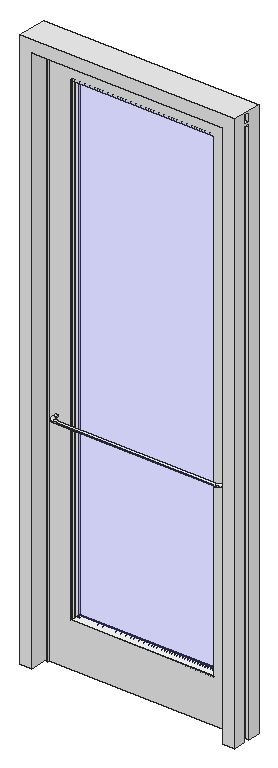
Revit family "Kawneer-350HW_HeavyWall-Sgl_No-Tran-Fr_14in", category Doors, host Wall, Revit 2015
Parameters
  Water - Static (ASTM E 331) = "product not tested"
  URL = "http://www.kawneer.com/kawneer/north_america/en/product.asp?prod_id=1817"
  Type of Glazing = "monolithic, insulating"
  Type Comments = "Medium Stile Heavy Wall Swing Door"
  Thermal Transmittance = "n/a"
  Sub Category3 = ""
  Sub Category2 = ""
  Sub Category1 = ""
  Sightline = 0"
  Short Description = "Medium Stile Heavy Wall Swing Door"
  Product data url = "https://bimobject.com/kawneerna/product/20611"
  Panel Inserts Material = Glass
  Overall U-Factor = "product not tested"
  Model = "350 Heavy Wall™ Entrances"
  Manufacturer Part Number = "350 Heavy Wall™ Entrances"
  Manufacturer = "Kawneer"
  Keywords = "Entrance, Door, Swing Door, Heavy Wall"
  Hurricane Resistant Tested [instance] = "product not tested"
  Hinging Types = "Offset Pivot, Butt Hinge, Continuous Gear Hinge"
  Height = 84"
  Wall Closure = By host
  Width = 32"
  Glazing Thickness = 0"
  Glass U-Factor = "product not tested"
  Glass Installtion = "outside, inside"
  Glass Capture = "Captured"
  Function (Interior or Exterior) = "Exterior"
  Function = Interior
  Frame Material = Aluminum - ASTM B 221 - 6063-T6 alloy and temper
  Door Panel Width = Width - (1 3/4" * 2)  # 28 1/2"
  Door Panel Material = Aluminum - ASTM B 221 - 6063-T6 alloy and temper
  Door Panel Height = Height - 1 3/4"  # 82 1/4"
  Door Opening = Door Panel Width  # 28 1/2"
  Door Handle Material = Aluminum - ASTM B 221 - 6063-T6 alloy and temper
  Door Corner Construction = "Welded"
  Design Pressure = "n/a"
  Design Load = "n/a"
  Description = "The \"350 Heavy Wall\" medium stile heavy duty door with increased wall thickness to provide greater durability in heavy traffic areas."
  Depth = 1 3/4"
  Color = "any"
  Cladding Type = "n/a"
  CSI Masterformat Code = "08 41 13"
  Assembly Code = "B2030110"
  Application = "high traffic"
  Air Infiltration (ASTM E 283) = "< 0.50 cfm/ft2  @ 6.24 psf (300 Pa), Single Doors,"
  2-Color Option = "no"
Reference planes
  plane 1 "Centre Wall": y = 0
  plane 2 "Center (Left/Right)": x = 0
  plane 3 "Left": x = -406.4
  plane 4 "Right": x = 406.4
  plane 5: z = 2133.6
  plane 6 "Exterior": y = 75
  plane 7 "Interior": y = -75
  plane 8: x = -361.9
  plane 9: x = 361.9
Forms (mm)
  Sweep 1, solid, material "Aluminum - ASTM B 221 - 6063-T6 alloy and temper" <- "Frame Material"
    path origin (0, 0, 0) x (1, 0, 0) y (0, 0, 1)
      loop
        line (406.4, 2133.6) -> (406.4, 0)
    profile "TF450Frame : TF450Frame" origin (406.4, 0, 1066.8) x (1, 0, 0) y (0, -1, 0)
      loop
        line (-54.5, -13.375) -> (-44.5, -13.375) -> (-44.5, -57.175) -> (0, -57.175) -> (0, -12.125) -> (-17.25, -12.125) -> (-17.25, 12.125) -> (0, 12.125) -> (0, 57.125) -> (-44.5, 57.125) -> (-44.5, -8.375) -> (-54.5, -8.375) -> (-54.5, -13.375)
      loop
        line (-5, -17.125) -> (-22.25, -17.125) -> (-22.25, 17.125) -> (-5, 17.125) -> (-5, 52.125) -> (-39.5, 52.125) -> (-39.5, -52.175) -> (-5, -52.175) -> (-5, -17.125)
  Sweep 2, solid, material "Aluminum - ASTM B 221 - 6063-T6 alloy and temper" <- "Frame Material"
    path origin (0, 0, 0) x (1, 0, 0) y (0, 0, 1)
      loop
        line (-406.4, 2133.6) -> (-406.4, 0)
    profile "TF450Frame : TF450Frame" origin (-406.4, 0, 1066.8) x (1, 0, 0) y (0, -1, 0)
      loop
        line (54.5, -13.375) -> (54.5, -8.375) -> (44.5, -8.375) -> (44.5, 57.125) -> (0, 57.125) -> (0, 12.125) -> (17.25, 12.125) -> (17.25, -12.125) -> (0, -12.125) -> (0, -57.175) -> (44.5, -57.175) -> (44.5, -13.375) -> (54.5, -13.375)
      loop
        line (5, -17.125) -> (5, -52.175) -> (39.5, -52.175) -> (39.5, 52.125) -> (5, 52.125) -> (5, 17.125) -> (22.25, 17.125) -> (22.25, -17.125) -> (5, -17.125)
  Sweep 3, solid, material "Aluminum - ASTM B 221 - 6063-T6 alloy and temper" <- "Frame Material"
    path origin (0, 0, 0) x (1, 0, 0) y (0, 0, 1)
      loop
        line (406.4, 2133.6) -> (-406.4, 2133.6)
    profile "TF450topFrame : TF450topFrame" origin (0, 0, 2133.6) x (0, 0, -1) y (0, -1, 0)
      loop
        line (54.5, -13.35) -> (54.5, -8.35) -> (44.5, -8.35) -> (44.5, 57.15) -> (0, 57.15) -> (0, -57.15) -> (44.5, -57.15) -> (44.5, -13.35) -> (54.5, -13.35)
      loop
        line (5, -52.15) -> (39.5, -52.15) -> (39.5, 52.15) -> (5, 52.15) -> (5, -52.15)
Cuts and joins
  joined: Sweep 1, Sweep 2, Sweep 3
Lines and regions (mm)
  Opening 1
    outline origin (-3050, -75, 0) x (1, 0, 0) y (0, 0, 1)
      loop
        line (2643.6, 0) -> (3456.4, 0) -> (3456.4, 2133.6) -> (2643.6, 2133.6) -> (2643.6, 0)
  symbolic lines
    curve 1: line (-361.9, 767.953, 0) -> (-317.45, 767.953, 0)
    curve 2: line (-361.9, 57.15, 0) -> (-361.9, 767.953, 0)
    curve 3: line (-317.45, 767.953, 0) -> (-317.45, 57.15, 0)
    curve 4: arc (-317.45, 767.953, 0) -> (157.448, 543.592, 0) -> (355.6, 57.175, 0) r 723.807
Text (mm)
  text "Exterior" at (-2295.016, 1099.543, 0), in view "Ref. Level"
  text "Exterior" at (0, 1615.38, 3698.081), in view "Left"
  text "Exterior" at (0, 1036.032, 3874.932), in view "Right"
Dimensions and locks
  equal spacing: plane 3 "Left", plane 2 "Center (Left/Right)", plane 4 "Right"
  "Width": plane 3 "Left" to plane 4 "Right"
  "Height": plane 5 to host wall
  host wall to plane 5 = 84"  (x2)
  locked: plane 6 "Exterior" to host wall at 0
  locked: plane 7 "Interior" to host wall
  locked: plane 3 "Left" to plane 8 at 44.5
  locked: plane 9 to plane 4 "Right" at 44.5
  "Depth": curve 2 to curve 3
  aligned and locked: plane 3 "Left" to Opening 1 sketch curve
  aligned and locked: plane 5 to Opening 1 sketch curve  (x2)
  aligned and locked: Opening 1 sketch curve to plane 4 "Right"
  aligned and locked: Opening 1 sketch curve to level
  aligned and locked: plane 1 "Centre Wall" to host wall
  aligned and locked: plane 4 "Right" to Sweep 1 sketch curve
  aligned and locked: plane 5 to Sweep 1 sketch curve
  aligned and locked: level to Sweep 1 sketch curve
  aligned and locked: plane 3 "Left" to Sweep 2 sketch curve
  aligned and locked: level to Sweep 2 sketch curve
  aligned and locked: plane 5 to Sweep 2 sketch curve
  aligned and locked: nested 1 to plane 2 "Center (Left/Right)"
  aligned and locked: plane 8 to curve 2
  aligned and locked: curve 1 to curve 4
  aligned and locked: plane 4 "Right" to Sweep 3 sketch curve
  aligned and locked: plane 3 "Left" to Sweep 3 sketch curve
Automatic sketch dimensions
  curve 4 to plane 8 = 0.24487"
  curve 4 to curve 2 = 0.44206"
  plane 9 to curve 4 = 0.24803"
  curve 4 to host wall = 1.14481"
  curve 3 to host wall = 0.70276"
  curve 4 to host wall = 0.70177"
  Sweep 3 sketch curve to plane 5 = 0"
Nested families
  nested 1: "Kawneer-350HW_HeavyWall-Sgl" at (-310.356, -14.425, 0) x (-1, 0, 0) z (0, 0, 1), type "Kawneer-350HW_HeavyWall-Sgl"
Definition of nested family "Kawneer-350HW_HeavyWall-Sgl"
  Parameters
    Width = 28 1/2"
    Water - static (ASTM E 331) = "product not tested"
    URL = "http://www.kawneer.com/kawneer/north_america/en/product.asp?prod_id=1817"
    Type of Glazing = "monolithic, insulating"
    Type Comments = "Medium Stile Heavy Wall Swing Door"
    Thermal transmittance = "n/a"
    Sub Category3 = ""
    Sub Category2 = ""
    Sub Category1 = ""
    Sightline = 0"
    Short Description = "Medium Stile Heavy Wall Swing Door"
    Panel Inserts Material = none
    Overall U-Factor = "product not tested"
    Model = "350 Heavy Wall™ Entrances"
    Manufacturer = "Kawneer"
    Keywords = "Entrance, Door, Swing Door, Heavy Wall"
    Hurricane Resistant Tested = "product not tested"
    Hinging Types = "Offset Pivot, Butt Hinge, Continuous Gear Hinge"
    Height = 82 1/4"
    Hangle Width = Width - 3 1/16"  # 25 7/16"
    Glazing Thickness = 1"
    Glass capture = "Captured"
    Glass U-Factor = "product not tested"
    Glass Installtion = "outside, inside"
    Function (Interior or Exterior) = "Exterior"
    Door Panel Material = none
    Door Hangle Material = none
    Door Hangle Height = 33 25/256"
    Door Corner Construction = "Welded"
    Design load = "n/a"
    Design Pressure = "n/a"
    Description = "The \"350 Heavy Wall\" medium stile heavy duty door with increased wall thickness to provide greater durability in heavy traffic areas."
    Depth = 1 3/4"
    Color = "any"
    Cladding Type = "n/a"
    CSI Mastformat Code = "08 41 13"
    Assembly Code = "B2030110"
    Application = "high traffic"
    Air Infiltration (ASTM E 283) = "< 0.50 cfm/ft2  @ 6.24 psf (300 Pa), Single Doors,"
    2-Color Option = "no"
  Reference planes
    plane 1 "Center (Front/Back)": y = -50
    plane 2: z = 0
    plane 3 "Center (Left/Right)": x = -310.356
    plane 4: x = -672.306
    plane 5: x = 51.594
    plane 6: y = -27.775
    plane 7: y = -72.225
    plane 8: z = 2089.15
    plane 9: z = 840.68
    plane 10: x = -581.806
    plane 11: x = -38.906
    plane 12: x = -594.306
    plane 13: x = -26.406
    plane 14: z = 152.6
    plane 15: z = 2011.95
    plane 16: x = -633.306
  Forms (mm)
    Sweep 1, solid, material <- "Door Panel Material"
      path origin (0, -50, 0) x (1, 0, 0) y (0, 0, 1)
        loop
          line (-672.306, 2089.15) -> (-672.306, 0)
      profile "Heavy3 : Heavy3" origin (-672.306, -50, 1044.575) x (1, 0, 0) y (0, -1, 0)
        loop
          line (80.5, 6.9) -> (73, 6.9) -> (73, 16.9) -> (5.603, 16.9) -> (5.603, -16.9) -> (73, -16.9) -> (73, -6.9) -> (80.5, -6.9) -> (80.5, 6.9)
        loop
          line (85.5, 11.9) -> (78, 11.9) -> (78, 16.9) -> (90.5, 16.9) -> (90.5, 21.9) -> (0, 21.9) -> (0, -21.9) -> (90.5, -21.9) -> (90.5, -16.9) -> (78, -16.9) -> (78, -11.9) -> (85.5, -11.9) -> (85.5, 11.9)
    Sweep 2, solid, material <- "Door Panel Material"
      path origin (0, -50, 0) x (1, 0, 0) y (0, 0, 1)
        loop
          line (51.594, 2089.15) -> (51.594, 0)
      profile "Heavy3 : Heavy3" origin (51.594, -50, 1044.575) x (1, 0, 0) y (0, -1, 0)
        loop
          line (-80.5, -6.9) -> (-73, -6.9) -> (-73, -16.9) -> (-5.603, -16.9) -> (-5.603, 16.9) -> (-73, 16.9) -> (-73, 6.9) -> (-80.5, 6.9) -> (-80.5, -6.9)
        loop
          line (-85.5, -11.9) -> (-78, -11.9) -> (-78, -16.9) -> (-90.5, -16.9) -> (-90.5, -21.9) -> (0, -21.9) -> (0, 21.9) -> (-90.5, 21.9) -> (-90.5, 16.9) -> (-78, 16.9) -> (-78, 11.9) -> (-85.5, 11.9) -> (-85.5, -11.9)
    Sweep 3, solid, material <- "Door Panel Material"
      path origin (0, -50, 0) x (1, 0, 0) y (0, 0, 1)
        loop
          line (-581.806, 2089.15) -> (-38.906, 2089.15)
      profile "Heavy1 : Heavy1" origin (-310.356, -50, 2089.15) x (0, 0, 1) y (0, -1, 0)
        loop
          line (-79.7, -6.9) -> (-77.2, -6.9) -> (-77.2, -16.9) -> (-15, -16.9) -> (-15, 16.9) -> (-77.2, 16.9) -> (-77.2, 6.9) -> (-79.7, 6.9) -> (-79.7, -6.9)
        loop
          line (-84.7, -11.9) -> (-82.2, -11.9) -> (-82.2, -16.9) -> (-89.7, -16.9) -> (-89.7, -21.9) -> (0, -21.9) -> (0, -16.9) -> (-10, -16.9) -> (-10, 16.9) -> (0, 16.9) -> (0, 21.9) -> (-89.7, 21.9) -> (-89.7, 16.9) -> (-82.2, 16.9) -> (-82.2, 11.9) -> (-84.7, 11.9) -> (-84.7, -11.9)
    Sweep 4, solid, material <- "Door Panel Material"
      path origin (0, -50, 0) x (1, 0, 0) y (0, 0, 1)
        loop
          line (-581.806, 0) -> (-38.906, 0)
      profile "Heavy2 : Heavy2" origin (-310.356, -50, 0) x (0, 0, 1) y (0, -1, 0)
        loop
          line (155.1, 6.9) -> (152.6, 6.9) -> (152.6, 16.9) -> (15, 16.9) -> (15, -16.9) -> (152.6, -16.9) -> (152.6, -6.9) -> (155.1, -6.9) -> (155.1, 6.9)
        loop
          line (160.1, 11.9) -> (157.6, 11.9) -> (157.6, 16.9) -> (165.1, 16.9) -> (165.1, 21.9) -> (0, 21.9) -> (0, 16.9) -> (10, 16.9) -> (10, -16.9) -> (0, -16.9) -> (0, -21.9) -> (165.1, -21.9) -> (165.1, -16.9) -> (157.6, -16.9) -> (157.6, -11.9) -> (160.1, -11.9) -> (160.1, 11.9)
    Sweep 5, solid, material <- "Door Panel Material"
      path origin (0, -50, 0) x (1, 0, 0) y (0, 0, 1)
        loop
          line (-594.306, 2011.95) -> (-594.306, 152.6) -> (-26.406, 152.6) -> (-26.406, 2011.95) -> (-594.306, 2011.95)
      profile "HeavyClad : HeavyClad" origin (-310.356, -50, 2011.95) x (0, 0, 1) y (0, -1, 0)
        loop
          line (-15.711, -3) -> (-18.211, -3) -> (-18.211, -8.361) -> (-21.672, -4.9) -> (-21, -4.228) -> (-21, -3) -> (-26, -3) -> (-12.5, -16.9) -> (0, -16.9) -> (0, -11.9) -> (-5, -11.9) -> (-5, 11.9) -> (0, 11.9) -> (0, 16.9) -> (-12.5, 16.9) -> (-26, 3) -> (-21, 3) -> (-21, 4.228) -> (-21.672, 4.9) -> (-18.211, 8.361) -> (-18.211, 3) -> (-15.711, 3) -> (-15.711, 10.861) -> (-12.5, 14.072) -> (-12.5, 11.9) -> (-7.5, 11.9) -> (-7.5, -11.9) -> (-12.5, -11.9) -> (-12.5, -14.072) -> (-15.711, -10.861) -> (-15.711, -3)
    Extrusion 6, solid, material <- "Panel Inserts Material"
      sketch origin (0, 0, 0) x (1, 0, 0) y (0, 1, 0)
        loop
          line (-578.595, -47) -> (-578.595, -53) -> (-42.117, -53) -> (-42.117, -47) -> (-578.595, -47)
      from 168.311 to 1996.239
  Cuts and joins
    joined: Sweep 1, Sweep 2, Sweep 3, Sweep 4, Sweep 5
  Dimensions and locks
    equal spacing: plane 4, plane 3 "Center (Left/Right)", plane 5
    equal spacing: plane 6, plane 1 "Center (Front/Back)", plane 7
    "Depth": plane 6 to plane 7
    "Width": plane 4 to plane 5
    "Height": plane 8 to level
    "Door Hangle Height": plane 9 to level
    locked: plane 4 to plane 10 at 90.5
    locked: plane 11 to plane 5 at 90.5
    locked: plane 4 to plane 12 at 78
    locked: plane 13 to plane 5 at 78
    locked: plane 4 to plane 16 at 39
    aligned and locked: Sweep 1 sketch curve to plane 4
    aligned and locked: plane 8 to Sweep 1 sketch curve
    aligned and locked: level to Sweep 1 sketch curve
    aligned and locked: Sweep 2 sketch curve to plane 5
    aligned and locked: plane 8 to Sweep 2 sketch curve
    aligned and locked: level to Sweep 2 sketch curve
    aligned and locked: Sweep 3 sketch curve to plane 8
    aligned and locked: plane 10 to Sweep 3 sketch curve
    aligned and locked: plane 11 to Sweep 3 sketch curve
    aligned and locked: Sweep 4 sketch curve to level
    aligned and locked: plane 10 to Sweep 4 sketch curve
    aligned and locked: plane 11 to Sweep 4 sketch curve
    aligned and locked: Sweep 5 sketch curve to plane 15
    aligned and locked: Sweep 5 sketch curve to plane 14
    aligned and locked: Sweep 5 sketch curve to plane 12
    aligned and locked: plane 13 to Sweep 5 sketch curve
    aligned and locked: Extrusion 6 sketch curve to cut or joined group of Sweep 1, Sweep 2, Sweep 3, Sweep 4, Sweep 5  (x4)
    aligned and locked: Extrusion 6 to cut or joined group of Sweep 1, Sweep 2, Sweep 3, Sweep 4, Sweep 5  (x2)
    aligned and locked: plane 16 to nested 1
    aligned and locked: cut or joined group of Sweep 1, Sweep 2, Sweep 3, Sweep 4, Sweep 5 to nested 1
    aligned and locked: plane 9 to nested 1
    aligned and locked: nested 2 to plane 3 "Center (Left/Right)"
    aligned and locked: nested 2 to cut or joined group of Sweep 1, Sweep 2, Sweep 3, Sweep 4, Sweep 5
    aligned and locked: plane 15 to cut or joined group of Sweep 1, Sweep 2, Sweep 3, Sweep 4, Sweep 5
    aligned and locked: nested 2 to plane 9
  Nested families
    nested 1: "Style CO 9 Pull" at (-671.341, -71.9, 612.08), type "Style CO 9 Pull"
    nested 2: "Style CP II Push Bar" at (-260.356, -28.1, 840.68), type "Style CP II Push Bar"
      with Width 25 7/16"
  Definition of nested family "Style CO 9 Pull"
    Parameters
      Width = 1.1811"
      Height = 9"
      Hangle Material = none
      Depth = 1.1811"
    Reference planes
      plane 1 "Center (Front/Back)": y = 0
      plane 2: z = 0
      plane 3 "Center (Left/Right)": x = 53.034
      plane 4: y = -30
      plane 5: x = 38.034
      plane 6: x = 68.034
      plane 7: x = 46.034
      plane 8 "Top": z = 228.6
      plane 9: x = 60.034
      plane 10: z = 220.6
      plane 11: z = 8
    Forms (mm)
      Sweep 1, solid, material <- "Hangle Material"
        path origin (0, 0, 0) x (1, 0, 0) y (0, 1, 0)
          loop
            line (38.034, 0) -> (38.034, -23)
            arc (38.034, -23) -> (40.085, -27.95) -> (45.034, -30) r 7
            line (45.034, -30) -> (60.034, -30)
        profile origin (38.034, -11.5, 0) x (1, 0, 0) y (0, 0, 1)
          loop
            circle (0, 0) r 5
      Sweep 2, solid, material <- "Hangle Material"
        path origin (0, 0, 228.6) x (-1, 0, 0) y (0, -1, 0)
          loop
            line (-38.034, 0) -> (-38.034, 23)
            arc (-38.034, 23) -> (-40.085, 27.95) -> (-45.034, 30) r 7
            line (-45.034, 30) -> (-60.034, 30)
        profile origin (38.034, -11.5, 228.6) x (1, 0, 0) y (0, 0, 1)
          loop
            circle (0, 0) r 5
      Sweep 3, solid, material <- "Hangle Material"
        path origin (-1540.712, -30, 1200) x (-1, 0, 0) y (0, 0, 1)
          loop
            arc (-1600.747, -1200) -> (-1606.404, -1197.657) -> (-1608.747, -1192) r 8
            line (-1608.747, -1192) -> (-1608.747, -979.4)
            arc (-1608.747, -979.4) -> (-1606.404, -973.743) -> (-1600.747, -971.4) r 8
        profile origin (68.034, -30, 114.3) x (1, 0, 0) y (0, 1, 0)
          loop
            circle (0, 0) r 5
    Cuts and joins
      joined: Sweep 1, Sweep 2, Sweep 3
    Dimensions and locks
      "Depth": plane 4 to plane 1 "Center (Front/Back)"
      equal spacing: plane 5, plane 3 "Center (Left/Right)", plane 6
      locked: plane 5 to plane 7 at 8
      "Width": plane 5 to plane 6
      "Height": plane 8 "Top" to level
      locked: plane 9 to plane 6 at 8
      locked: level to plane 11 at 8
      locked: plane 10 to plane 8 "Top" at 8
      aligned and locked: Sweep 1 sketch curve to plane 5
      aligned and locked: Sweep 1 sketch curve to plane 4
      aligned and locked: plane 1 "Center (Front/Back)" to Sweep 1 sketch curve
      aligned and locked: plane 9 to Sweep 1 sketch curve
      aligned and locked: Sweep 2 sketch curve to plane 5
      aligned and locked: Sweep 2 sketch curve to plane 4
      aligned and locked: plane 1 "Center (Front/Back)" to Sweep 2 sketch curve
      aligned and locked: plane 9 to Sweep 2 sketch curve
      aligned and locked: plane 6 to Sweep 3 sketch curve  (x2)
      aligned and locked: plane 10 to Sweep 3 sketch curve
      aligned and locked: plane 11 to Sweep 3 sketch curve
      aligned and locked: plane 9 to Sweep 3 sketch curve  (x2)
      aligned and locked: plane 8 "Top" to Sweep 3 sketch curve
      aligned and locked: level to Sweep 3 sketch curve
      aligned and locked: plane 4 to Sweep 3 sketch curve
    Automatic sketch dimensions
      Sweep 1 sketch curve to plane 7 = 0.03937"
      Sweep 1 sketch curve to level = 0"
      Sweep 1 sketch curve to profile plane = 0"
      Sweep 2 sketch curve to plane 7 = 0.03937"
      Sweep 2 sketch curve to plane 8 "Top" = 0"
      Sweep 2 sketch curve to profile plane = 0"
      radius of Sweep 1 sketch curve = 0.19685"
      radius of Sweep 2 sketch curve = 0.19685"
      radius of Sweep 3 sketch curve = 0.19685"
  Definition of nested family "Style CP II Push Bar"
    Parameters
      Width = 28"
      Hangle Material = none
      Depth = 1.1811"
    Reference planes
      plane 1 "Center (Front/Back)": y = 0
      plane 2: z = 0
      plane 3 "Center (Left/Right)": x = -50
      plane 4: x = -405.6
      plane 5: x = 305.6
      plane 6: y = -30
      plane 7: z = 0
    Forms (mm)
      Sweep 1, solid, material <- "Hangle Material"
        path origin (0, 0, 0) x (1, 0, 0) y (0, 1, 0)
          loop
            line (-405.6, 0) -> (-405.6, -15)
            arc (-405.6, -15) -> (-401.207, -25.607) -> (-390.6, -30) r 15
            line (-390.6, -30) -> (290.6, -30)
            arc (290.6, -30) -> (301.207, -25.607) -> (305.6, -15) r 15
            line (305.6, -15) -> (305.6, 0)
        profile origin (-50, -30, 0) x (0, 1, 0) y (0, 0, 1)
          loop
            circle (0, 0) r 5
    Dimensions and locks
      "Depth": plane 6 to plane 1 "Center (Front/Back)"
      equal spacing: plane 4, plane 3 "Center (Left/Right)", plane 5
      "Width": plane 4 to plane 5
      aligned and locked: Sweep 1 sketch curve to plane 5
      aligned and locked: plane 1 "Center (Front/Back)" to Sweep 1 sketch curve  (x2)
      aligned and locked: Sweep 1 sketch curve to plane 4
      aligned and locked: level to plane 7
    Automatic sketch dimensions
      Sweep 1 sketch curve to level = 0"
      Sweep 1 sketch curve to profile plane = 0"
      Sweep 1 sketch curve to plane 6 = 0"
      plane 4 to Sweep 1 sketch curve = 0.59055"
      plane 1 "Center (Front/Back)" to Sweep 1 sketch curve = 0.59055"
      radius of Sweep 1 sketch curve = 0.19685"
